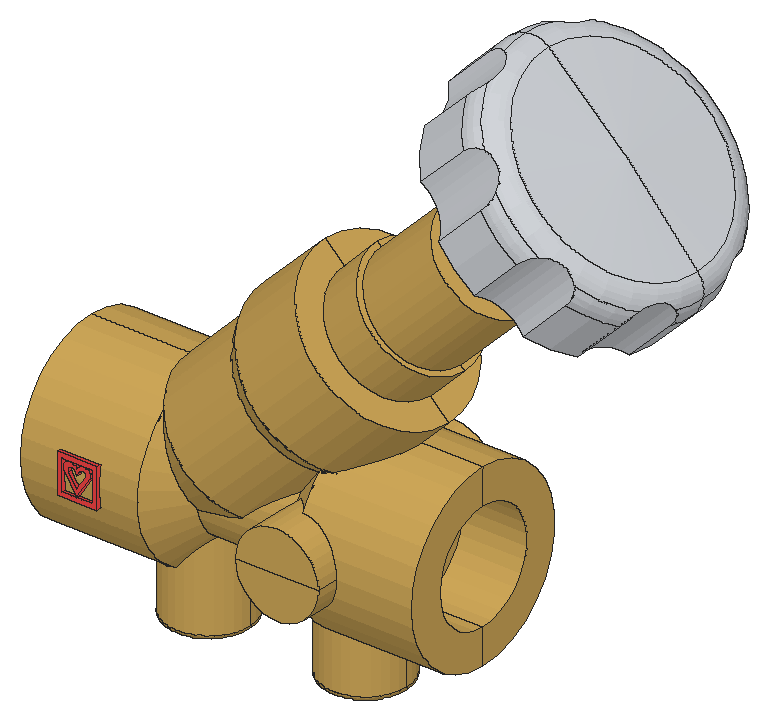
Revit family "Absperrventil 4125 AD", category Rohrzubehör, Revit 2018
Family settings
  Bemaßung runder Anschluss = Durchmesser verwenden
  Teiletyp = Unterbricht
  OmniClass-Nummer = 23.65.55.14
  OmniClass-Titel = Valves for Liquid Services
  Arbeitsebenenbasiert = Nein
  Immer vertikal = Ja
  Beim Laden mit Abzugskörper schneiden = Nein
  Gemeinsam genutzt = Nein
Parameters
  W01 = 45.00°  # constant formula
  URL = "www.herz-armaturen.at"
  Spindel = "Messing CW617N\r"  # constant formula
  SW01 = 60.00°  # constant formula
  SC_NennweiteBerechnet [instance] = 0
  SC_Dimension [instance] = ""
  SCRNSEQ = "ARM;ARM_TYP=\"ABSV\";2"
  SCRNCODE = "05;07;02"  # constant formula
  S03 = 60.000 mm  # constant formula
  S02 [instance] = L06 + L09 + L12 + L15  # 113.800 mm
  S01 [instance] = R01 * 2  # 41.000 mm
  R12 [instance] = R01 - 1.000 mm  # 19.500 mm
  R11 [instance] = size_lookup("4125AD_", "R11", 1.000 mm, Nennweite)  # 6.000 mm
  R100 = 1.000 mm  # constant formula
  R10 [instance] = size_lookup("4125AD_", "R10", 1.000 mm, Nennweite)  # 9.000 mm
  R09 [instance] = size_lookup("4125AD_", "R9", 1.000 mm, Nennweite)  # 12.750 mm
  R08 [instance] = size_lookup("4125AD_", "R8", 1.000 mm, Nennweite)  # 14.000 mm
  R07 [instance] = size_lookup("4125AD_", "R7", 1.000 mm, Nennweite)  # 20.000 mm
  R06 [instance] = size_lookup("4125AD_", "R6", 1.000 mm, Nennweite)  # 17.750 mm
  R05 [instance] = Nennweite / 2  # 12.500 mm
  R04 [instance] = size_lookup("4125AD_", "R4", 1.000 mm, Nennweite)  # 9.500 mm
  R03 = 9.500 mm  # constant formula
  R02 [instance] = Nennweite / 2  # 12.500 mm
  R01 [instance] = size_lookup("4125AD_", "R1", 1.000 mm, Nennweite)  # 20.500 mm
  Oberteil = "entzinkungsbeständiges Messing CW602N"  # constant formula
  Nennweite [instance] = 25.000 mm
  Medium = "Heizungswasser nach ÖNORM H5195 oder VDI- Richtlinie 2035.\r\nDie Verwendung von Ethylen- oder Propyleneglykol in einem Mischungsverhältnis 25- 50% ist zulässig.\r\nEPDM-Dichtungen können durch Mineralöle und Schmiermittel beeinflusst werden, was zum Versagen der EPDM-Dichtungen führen kann."
  Max.Differenzdruck bei geschlossenen Sitz = 1000000.0 Pa  # constant formula
  Max.Betriebstemperatur = 110 °C  # constant formula
  Max.Betriebsdruck = 2000000.0 Pa  # constant formula
  L16 [instance] = L01 / 2  # 13.500 mm
  L15 [instance] = size_lookup("4125AD_", "L15", 1.000 mm, Nennweite)  # 12.400 mm
  L14 [instance] = size_lookup("4125AD_", "L14", 1.000 mm, Nennweite)  # 12.000 mm
  L12 [instance] = size_lookup("4125AD_", "L12", 1.000 mm, Nennweite)  # 43.400 mm
  L11 [instance] = size_lookup("4125AD_", "L11", 1.000 mm, Nennweite)  # 22.400 mm
  L10 [instance] = size_lookup("4125AD_", "L10", 1.000 mm, Nennweite)  # 11.000 mm
  L09 [instance] = size_lookup("4125AD_", "L9", 1.000 mm, Nennweite)  # 19.500 mm
  L08 [instance] = size_lookup("4125AD_", "L8", 1.000 mm, Nennweite)  # 34.000 mm
  L07 [instance] = size_lookup("4125AD_", "L7", 1.000 mm, Nennweite)  # 18.000 mm
  L06 [instance] = size_lookup("4125AD_", "L6", 1.000 mm, Nennweite) - L09  # 38.500 mm
  L05 [instance] = size_lookup("4125AD_", "L5", 1.000 mm, Nennweite)  # 25.500 mm
  L04 [instance] = size_lookup("4125AD_", "L4", 1.000 mm, Nennweite)  # 25.500 mm
  L03 = 15.000 mm  # constant formula
  L02 [instance] = size_lookup("4125AD_", "L2", 1.000 mm, Nennweite)  # 11.000 mm
  L01 [instance] = size_lookup("4125AD_", "L1", 1.000 mm, Nennweite)  # 27.000 mm
  L00 [instance] = size_lookup("4125AD_", "L", 1.000 mm, Nennweite)  # 90.000 mm
  Kegel = "entzinkungsbeständiges Messing CW602N"  # constant formula
  Hersteller = "HERZ Armaturen Ges.m.b.H."  # constant formula
  Handrad = "Polyamide"  # constant formula
  H01 [instance] = size_lookup("4125AD_", "H1", 1.000 mm, Nennweite)  # 32.000 mm
  Gehäuse = "entzinkungsbeständiges Gussmessing CC752S"  # constant formula
  Dichtungen = "EPDM"  # constant formula
  DN80 [instance] = Nennweite = 80.000 mm  # no
  DN65 [instance] = Nennweite = 65.000 mm  # no
  DN50 [instance] = Nennweite = 50.000 mm  # no
  DN40 [instance] = Nennweite = 40.000 mm  # no
  DN32 [instance] = Nennweite = 32.000 mm  # no
  DN25-DN80 [instance] = or(Nennweite = 25.000 mm, Nennweite = 32.000 mm, Nennweite = 40.000 mm, Nennweite = 50.000 mm, Nennweite = 65.000 mm, Nennweite = 80.000 mm)  # yes
  DN25 [instance] = Nennweite = 25.000 mm  # yes
  DN20 [instance] = Nennweite = 20.000 mm  # no
  DN15 [instance] = Nennweite = 15.000 mm  # no
  DN [instance] = 0.000 mm
  Bestellnummer [instance] = size_lookup("4125AD_", "Artnr", 0, Nennweite)  # 1412573
  Ausführung = "STRÖMAX-D-Absperrventile in Schrägsitzform, gelbe Ausführung, Muffe x Muffe,\r\nmit langen Gewindemuffen, mit  2 Anbohrungen für Entleerungsarmaturen,\r\n1 Verschlussschraube 1 0273 0x ist aufgeschraubt, nichtsteigender Spindel,\r\nSpindelabdichtung durch elastischen Doppel-O-Ring.\r\nEntleerungsventile sind separat zu bestellen."
  Anwendungsgebiet = "Zuverlässiges Absperren von Leitungen in Heiz- und Kühlanalgen."
Reference planes
  plane 1 "Mitte (Vorne/hinten)": y = 0
  plane 2: z = 0
  plane 3 "Mitte (Links/rechts)": x = 0
Forms (mm)
  Revolve 1, solid, material "Messing, weicher Gelbton, geschweißt", detail levels fine
    sketch origin (470, 0, 0) x (1, 0, 0) y (0, 0, 1)
      loop
        line (-515, 12.5) -> (-500, 12.5) -> (-500, 0) -> (-440, 0) -> (-440, 12.5) -> (-425, 12.5) -> (-425, 20.5) -> (-452, 20.5) -> (-459, 12.5) -> (-481, 12.5) -> (-488, 20.5) -> (-515, 20.5) -> (-515, 12.5)
      axis (-515, 0) -> (-425, 0)
    angle from 0 to 360
  Revolve 2, solid, material "Messing, weicher Gelbton, geschweißt", detail levels fine
    sketch origin (470, 0, 0) x (1, 0, 0) y (0, 0, 1)
      loop
        line (-497.5, 0) -> (-497.5, -31)
        arc (-497.5, -31) -> (-497.207, -31.707) -> (-496.5, -32) r 1
        line (-496.5, -32) -> (-488, -32) -> (-488, 0) -> (-497.5, 0)
      axis (-488, 0) -> (-488, -32)
    angle from 0 to 360
  Revolve 3, solid, material "Messing, weicher Gelbton, geschweißt", detail levels fine
    sketch origin (0, 0, 0) x (1, 0, 0) y (0, 1, 0)
      loop
        line (18, -25.5) -> (27.5, -25.5) -> (27.5, 25.5) -> (18, 25.5) -> (18, -25.5)
      axis (18, -25.5) -> (18, 25.5)
    angle from 0 to 360
  Revolve 4, solid, material "Messing, weicher Gelbton, geschweißt", visible <- "DN25-DN80", detail levels fine
    sketch origin (-470, 0, 0) x (-1, 0, 0) y (0, 0, 1)
      loop
        line (-497.5, 0) -> (-497.5, -31)
        arc (-497.5, -31) -> (-497.207, -31.707) -> (-496.5, -32) r 1
        line (-496.5, -32) -> (-488, -32) -> (-488, 0) -> (-497.5, 0)
      axis (-488, 0) -> (-488, -32)
    angle from 0 to 360
  Revolve 5, solid, material "Messing, weicher Gelbton, geschweißt", detail levels fine
    sketch origin (0.32, 0, -0.105) x (1, 0, 0) y (0, 0, 1)
      loop
        line (-18.32, 0) -> (62.149, 80.469) -> (57.906, 84.711) -> (49.138, 75.943) -> (47.017, 78.065) -> (39.946, 70.994) -> (37.294, 73.645) -> (21.455, 57.806) -> (20.571, 58.69) -> (12.793, 50.912) -> (8.55, 55.154) -> (-5.239, 41.366) -> (-6.83, 36.593) -> (-22.386, 21.036) -> (-27.159, 8.839) -> (-18.32, 0)
      axis (-18.32, 0) -> (62.149, 80.469)
    angle from 0 to 360
Lines and regions (mm)
  model lines, detail levels coarse+medium
    curve 1: line (-45, 0, 20.5) -> (-45, 0, -20.5)
    curve 2: line (-45, 0, -20.5) -> (45, 0, 20.5)
    curve 3: line (45, 0, 20.5) -> (45, 0, -20.5)
    curve 4: line (45, 0, -20.5) -> (-45, 0, 20.5)
    curve 5: line (0, 0, 0) -> (56.9, 0, 98.554)
    curve 6: line (30.919, 0, 113.554) -> (82.881, 0, 83.554)
    curve 7: line (-45, -20.5, 0) -> (-45, 20.5, 0)
    curve 8: line (-45, 20.5, 0) -> (45, -20.5, 0)
    curve 9: line (45, -20.5, 0) -> (45, 20.5, 0)
    curve 10: line (45, 20.5, 0) -> (-45, -20.5, 0)
    curve 11: line (0, 0, 0) -> (56.9, 98.554, 0)
    curve 12: line (30.919, 113.554, 0) -> (82.881, 83.554, 0)
Dimensions and locks
  "H01": plane 2 to Revolve 2 sketch curve
  "L00": Revolve 1 sketch curve to Revolve 1 sketch curve
  equal spacing: Revolve 1 sketch curve, plane 3 "Mitte (Links/rechts)", Revolve 1 sketch curve
  "R01": Revolve 1 sketch curve to Revolve 1 sketch curve  (x2)
  "R02": Revolve 1 sketch curve to Revolve 1 sketch curve  (x3)
  "L01": Revolve 1 sketch curve to Revolve 1 sketch curve  (x2)
  "L02": plane 3 "Mitte (Links/rechts)" to Revolve 1 sketch curve
  "L02": Revolve 1 sketch curve to plane 3 "Mitte (Links/rechts)"
  "L03": Revolve 1 sketch curve to Revolve 1 sketch curve  (x2)
  "L01": Revolve 1 to Revolve 2 sketch curve
  "R03": Revolve 2 sketch curve to Revolve 2 sketch curve
  "L01": Revolve 4 sketch curve to Revolve 1
  "R03": Revolve 4 sketch curve to Revolve 4 sketch curve
  "H01": plane 2 to Revolve 4 sketch curve
  "L04": Revolve 3 sketch curve to plane 1 "Mitte (Vorne/hinten)"
  "L05": plane 1 "Mitte (Vorne/hinten)" to Revolve 3 sketch curve
  "R04": Revolve 3 sketch curve to Revolve 3 sketch curve
  "L01": Revolve 3 sketch curve to Revolve 1
  "R07": Revolve 5 sketch curve to Revolve 5 sketch curve
  "L07": plane 3 "Mitte (Links/rechts)" to Revolve 5 sketch curve
  "R05": Revolve 5 sketch curve to Revolve 5 sketch curve
  "L06": Revolve 5 sketch curve to Revolve 5 sketch curve
  "L08": Revolve 5 sketch curve to Revolve 5 sketch curve
  "R06": Revolve 5 sketch curve to Revolve 5 sketch curve
  "L14": Revolve 5 sketch curve to Revolve 5 sketch curve
  "L09": Revolve 5 sketch curve to Revolve 5 sketch curve
  "R08": Revolve 5 sketch curve to Revolve 5 sketch curve
  "L10": Revolve 5 sketch curve to Revolve 5 sketch curve
  "R09": Revolve 5 sketch curve to Revolve 5 sketch curve
  "R10": Revolve 5 sketch curve to Revolve 5 sketch curve
  "L12": Revolve 5 sketch curve to Revolve 5 sketch curve
  "R11": Revolve 5 sketch curve to Revolve 5 sketch curve
  "L15": Revolve 5 sketch curve to Revolve 5 sketch curve
  "L11": Revolve 5 sketch curve to Revolve 5 sketch curve
  "R12": nested 9 to plane 1 "Mitte (Vorne/hinten)"
  "L16": Revolve 1 to nested 9
  equal spacing: curve 1, plane 3 "Mitte (Links/rechts)", curve 3
  "L00": curve 1 to curve 3
  equal spacing: curve 4, plane 2, curve 2
  "S01": curve 4 to curve 1
  "S01": curve 3 to curve 4
  equal spacing: curve 3, plane 2, curve 4
  "S02": curve 5 to curve 5
  equal spacing: curve 6, curve 5, curve 6
  "S03": curve 6 to curve 6
  equal spacing: curve 7, plane 3 "Mitte (Links/rechts)", curve 9
  "L00": curve 7 to curve 9
  equal spacing: curve 10, plane 1 "Mitte (Vorne/hinten)", curve 8
  "S01": curve 8 to curve 10
  equal spacing: curve 9, plane 1 "Mitte (Vorne/hinten)", curve 10
  "S01": curve 10 to curve 9
  "S02": curve 11 to curve 11
  equal spacing: curve 12, curve 11, curve 12
  "S03": curve 12 to curve 12
  "R100": radius of Revolve 2 sketch curve
  "R100": radius of Revolve 4 sketch curve
  "W01": angle plane 2 to Revolve 5 sketch curve
  "W01": angle level to Revolve 5 sketch curve
  "SW01": angle plane 2 to curve 5
  "SW01": angle plane 1 "Mitte (Vorne/hinten)" to curve 11
  aligned and locked: level to plane 2
Automatic sketch dimensions
  curve 5 to level = 0.000 mm
  plane 1 "Mitte (Vorne/hinten)" to curve 11 = 0.000 mm
  Revolve 1 sketch curve to level = 0.000 mm  (x2)
  Revolve 1 sketch curve to Revolve 1 sketch curve = 791.990 mm
  Revolve 1 sketch curve to Revolve 1 sketch curve = 2278.983 mm
  Revolve 2 sketch curve to level = 0.000 mm  (x2)
  Revolve 2 sketch curve to Revolve 2 sketch curve = 0.000 mm
  Revolve 2 sketch curve to Revolve 2 sketch curve = 0.292 mm
  Revolve 3 sketch curve to Revolve 3 sketch curve = 0.000 mm  (x3)
  Revolve 4 sketch curve to level = 0.000 mm  (x2)
  Revolve 4 sketch curve to Revolve 4 sketch curve = 0.000 mm
  Revolve 4 sketch curve to Revolve 4 sketch curve = 0.292 mm
  Revolve 5 sketch curve to level = 0.105 mm
  Revolve 5 sketch curve to Revolve 5 sketch curve = 0.000 mm  (x2)
Nested families
  nested 1: "Strömax-Handrad_Schrägsitz" at (42.584, 0, 54.979), visible <- "DN15", type "Strömax-Handrad_Schrägsitz", detail levels fine
    with Nennweite 0.000 mm, Gewicht 0.00 kg, Bestellnummer 0
  nested 2: "Strömax-Handrad_Schrägsitz" at (54.312, 0, 67.707), visible <- "DN20", type "Strömax-Handrad_Schrägsitz", detail levels fine
    with Nennweite 0.000 mm, Gewicht 0.00 kg, Bestellnummer 0
  nested 3: "Strömax-Handrad_Schrägsitz" at (62.469, 0, 80.364), visible <- "DN25", type "Strömax-Handrad_Schrägsitz", detail levels fine
    with Nennweite 0.000 mm, Gewicht 0.00 kg, Bestellnummer 0
  nested 4: "Strömax-Handrad_Schrägsitz" at (71.712, 0, 91.607), visible <- "DN32", type "Strömax-Handrad_Schrägsitz", detail levels fine
    with Nennweite 0.000 mm, Gewicht 0.00 kg, Bestellnummer 0
  nested 5: "Strömax-Handrad_Schrägsitz" at (80.399, 0, 101.294), visible <- "DN40", type "Strömax-Handrad_Schrägsitz", detail levels fine
    with Nennweite 0.000 mm, Gewicht 0.00 kg, Bestellnummer 0
  nested 6: "Strömax-Handrad_Schrägsitz" at (97.83, 0, 129.225), visible <- "DN50", type "Strömax-Handrad_Schrägsitz", detail levels fine
    with Nennweite 0.000 mm, Gewicht 0.00 kg, Bestellnummer 0
  nested 7: "Strömax-Handrad_Schrägsitz" at (114.482, 0, 149.378), visible <- "DN65", type "Strömax-Handrad_Schrägsitz", detail levels fine
    with Nennweite 0.000 mm, Gewicht 0.00 kg, Bestellnummer 0
  nested 8: "Strömax-Handrad_Schrägsitz" at (140.423, 0, 183.319), visible <- "DN80", type "Strömax-Handrad_Schrägsitz", detail levels fine
    with Nennweite 0.000 mm, Gewicht 0.00 kg, Bestellnummer 0
  nested 9: "Herz-Logo-vorne" at (-31.5, -20.232, 0) x (0, 1, 0) z (0, 0, 1), type "Herz-Logo-vorne", detail levels fine
Connectors
  piping at (-30, 0, 0), diameter 25, driven by "Nennweite"
    settings: on Revolve 1, index 1, connector inside diameter 609.6 mm, connector length 0.000 mm, flow factor 0, pipe flow 0.0 L/s, pressure drop 0.0 Pa, fitting loss kfactor 0, connector angle 0.00°, fixture units 0, engagement length 0.000 mm, angle of deflection 0.00°, flow configuration 0, flow direction 1, fitting loss method 0, system type 29, joint type 0, gender type 0, connector reference index -1, connector utility 0, adjustable connector no, is connector primary yes, connector description ""
  piping at (30, 0, 0), diameter 25, driven by "Nennweite"
    settings: on Revolve 1, index 2, connector inside diameter 609.6 mm, connector length 0.000 mm, flow factor 0, pipe flow 0.0 L/s, pressure drop 0.0 Pa, fitting loss kfactor 0, connector angle 0.00°, fixture units 0, engagement length 0.000 mm, angle of deflection 0.00°, flow configuration 0, flow direction 2, fitting loss method 0, system type 29, joint type 0, gender type 0, connector reference index -1, connector utility 0, adjustable connector no, is connector primary no, connector description ""
Definition of nested family "Strömax-Handrad_Schrägsitz"
  Parameters (values of type "Strömax-Handrad_Schrägsitz")
    URL = "www.herz-armaturen.at"
    Nennweite [instance] = 0.000 mm
    Manufacturer = "Herz Armaturen GmbH"  # constant formula
    Gewicht [instance] = 0.00 kg
    Bestellnummer [instance] = 0
  Reference planes
    plane 1 "Mitte (Vorne/hinten)": y = 0
    plane 2: z = 0
    plane 3 "Mitte (Links/rechts)": x = 0
  Forms (mm)
    Revolve 1, solid
      sketch origin (0, 0, 0) x (0.707107, 0, -0.707107) y (0.707107, 0, 0.707107)
        loop
          line (0, 0) -> (0, 22)
          arc (0, 22) -> (-12.15, 21.705) -> (-24.271, 20.819) r 250
          arc (-24.271, 20.819) -> (-26.831, 19.959) -> (-28.754, 18.063) r 6
          arc (-28.754, 18.063) -> (-29.682, 16.008) -> (-30, 13.776) r 8
          line (-30, 13.776) -> (-30, 0) -> (0, 0)
        axis (0, 22) -> (0, 0)
      angle from 0 to 360
    Extrusion 2, void
      sketch origin (0, 0, 0) x (0.707107, 0, -0.707107) y (0, 1, 0)
        loop
          circle (14.351, -34.645) r 10
      from 0 to 22
    Extrusion 3, void
      sketch origin (0, 0, 0) x (-0.707107, 0, 0.707107) y (0, -1, 0)
        loop
          circle (14.351, 34.645) r 10
      from 0 to 22
    Extrusion 4, void
      sketch origin (0, 0, 0) x (0, -1, 0) y (0.707107, 0, -0.707107)
        loop
          circle (14.351, 34.645) r 10
      from 0 to 22
    Extrusion 5, void
      sketch origin (0, 0, 0) x (0, 1, 0) y (-0.707107, 0, 0.707107)
        loop
          circle (14.351, -34.645) r 10
      from 0 to 22
    Extrusion 6, void
      sketch origin (0, 0, 0) x (0, -1, 0) y (0.707107, 0, -0.707107)
        loop
          circle (14.351, -34.645) r 10
      from 0 to 22
    Extrusion 7, void
      sketch origin (0, 0, 0) x (0, 1, 0) y (-0.707107, 0, 0.707107)
        loop
          circle (14.351, 34.645) r 10
      from 0 to 22
    Extrusion 8, void
      sketch origin (0, 0, 0) x (0.707107, 0, -0.707107) y (0, 1, 0)
        loop
          circle (14.351, 34.645) r 10
      from 0 to 22
    Extrusion 9, void
      sketch origin (0, 0, 0) x (-0.707107, 0, 0.707107) y (0, -1, 0)
        loop
          circle (14.351, -34.645) r 10
      from 0 to 22
  Cuts and joins
    Extrusion 2, Extrusion 3, Extrusion 4, Extrusion 5, Extrusion 6, Extrusion 7, Extrusion 8, Extrusion 9 cuts Revolve 1
  Dimensions and locks
    aligned and locked: level to plane 2
Definition of nested family "Herz-Logo-vorne"
  Reference planes
    plane 1 "Mitte (Vorne/hinten)": y = 0
    plane 2: z = 0
    plane 3 "Mitte (Links/rechts)": x = 0
  Forms (mm)
    Extrusion 1, solid
      sketch origin (0.732, -0.018, 0.017) x (0, -1, 0) y (0, 0, 1)
        loop
          line (-0.018, -4.517) -> (4.482, -4.517) -> (4.482, 4.483) -> (-4.518, 4.483) -> (-4.518, -4.517) -> (-0.018, -4.517)
        loop
          line (-0.05, -3.48) -> (3.482, -3.48) -> (3.482, 3.483) -> (-3.518, 3.483) -> (-3.518, -3.48) -> (-0.05, -3.48)
        loop
          arc (-0.018, 2.383) -> (-1.543, 3.287) -> (-3.067, 2.383) r 1.738
          arc (-3.067, 2.383) -> (-3.191, 1.899) -> (-3.067, 1.415) r 1.009
          line (-3.067, 1.415) -> (-0.018, -3.281) -> (3.032, 1.415)
          arc (3.032, 1.415) -> (3.156, 1.899) -> (3.032, 2.383) r 1.009
          arc (3.032, 2.383) -> (1.507, 3.287) -> (-0.018, 2.383) r 1.738
        loop
          arc (1.885, 1.272) -> (2.005, 1.675) -> (1.885, 2.079) r 0.74
          arc (1.885, 2.079) -> (1.265, 2.416) -> (0.644, 2.079) r 0.74
          line (0.644, 2.079) -> (-0.018, 0.97) -> (-0.679, 2.079)
          arc (-0.679, 2.079) -> (-1.3, 2.416) -> (-1.921, 2.079) r 0.74
          arc (-1.921, 2.079) -> (-2.04, 1.675) -> (-1.921, 1.272) r 0.74
          line (-1.921, 1.272) -> (-0.018, -1.658) -> (1.885, 1.272)
      from 0 to 1.5
  Dimensions and locks
    aligned and locked: level to plane 2
